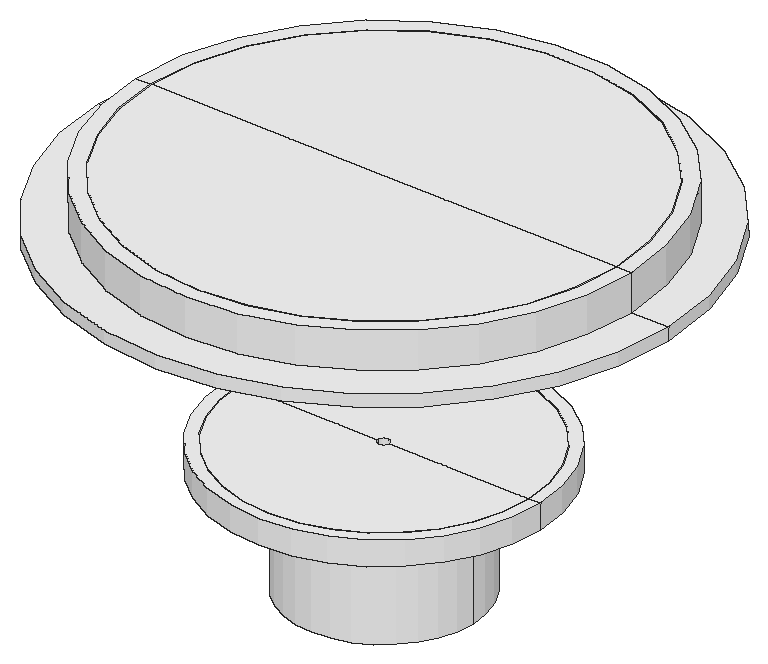
Revit family "C1450", category Plumbing Fixtures, host Face, Revit 2026
Family settings
  Host = Face
  Round Connector Dimension = Use Radius
  Part Type = Normal
  Classification Number = 23.45.55.21
  Enable Cutting in Views = No
  Cut with Voids When Loaded = No
  Maintain Annotation Orientation = No
  Shared = No
  Room Calculation Point = No
Parameters (values of type "3"")
  WFU = 0
  URL = "WWW.MIFAB.COM"
  Top Assembly Height = 4.000"
  Strainer Radius = Stainer Diameter / 2  # 4.150"
  Stainer Diameter = 8.300"
  Pipe Radius = Pipe Diameter / 2  # 1.500"
  Pipe Diameter = 3.000"
  Model = "C1450"
  Manufacturer = "MIFAB"
  HEIGHT 1 = 5.400"
  Floor Drain Material = Paint - Sherwin Williams Paint - #952C2A - Bellwood Red
  Description = "LINE CLEANOUT"
  Default Elevation = 0.000"
  Body Height = 2.200"
Types (4): name | Pipe Radius | Pipe Diameter | HEIGHT 1
  (no name) | 1.500" | 3.000" | 5.400"
  3" | 1.500" | 3.000" | 5.400"
  2" | 1.000" | 2.000" | 5.282"
  4" | 2.000" | 4.000" | 5.282"
Reference planes (in)
  plane 1 "Center (Front/Back)": y = 0
  plane 2: z = 0
  plane 3 "Center (Left/Right)": x = 0
  plane 4: x = -4.15
  plane 5: x = 4.15
  plane 6: z = -6.2
  plane 7: x = -1.5
  plane 8: x = 1.5
  plane 9: z = -4
  plane 10: y = 3.5
  plane 11: y = -3.5
  plane 12: z = -0.8
Forms (in)
  Revolve 1, solid, material "Paint - Sherwin Williams Paint - #952C2A - Bellwood Red" <- "Floor Drain Material"
    sketch origin (0, 0, 0) x (1, 0, 0) y (0, 0, 1)
      loop
        line (1.5, -4.91328) -> (2.625, -4.4) -> (2.625, -4) -> (2.425, -4) -> (2.425, -4.25546) -> (1.9, -4.25546) -> (1.9, -4.45) -> (1.3, -4.9) -> (1.3, -6.2) -> (1.5, -6.2) -> (1.5, -4.91328)
      axis (0, -6.2) -> (0, -4)
    angle from 0 to 360
  Revolve 2, solid, material "Paint - Sherwin Williams Paint - #952C2A - Bellwood Red" <- "Floor Drain Material"
    sketch origin (0, 0, 0) x (1, 0, 0) y (0, 0, 1)
      loop
        line (-2.425, -4) -> (-2.425, -4.25) -> (-1.9, -4.25) -> (-1.9, -4.4) -> (-0.095, -4.4) -> (-0.095, -4) -> (-2.425, -4)
      axis (0, -4) -> (0, -4.4)
    angle from 0 to 360
  Revolve 3, solid, material "Paint - Sherwin Williams Paint - #952C2A - Bellwood Red" <- "Floor Drain Material"
    sketch origin (0, 0, 0) x (1, 0, 0) y (0, 0, 1)
      loop
        line (3.47709, -0.3) -> (4, -0.3) -> (4, -0.8) -> (4.775, -0.8) -> (4.775, -0.6) -> (4.15, -0.6) -> (4.15, 0) -> (3.9, 0) -> (3.9, -0.125) -> (3.47709, -0.125) -> (3.47709, -0.3)
      axis (0, 0) -> (0, -0.8)
    angle from 0 to 360
  Revolve 4, solid, material "Paint - Sherwin Williams Paint - #952C2A - Bellwood Red" <- "Floor Drain Material"
    sketch origin (0, 0, 0) x (1, 0, 0) y (0, 0, 1)
      loop
        line (-3.9, 0) -> (-3.9, -0.125) -> (-3.47709, -0.125) -> (-3.47709, -0.3) -> (0, -0.3) -> (0, 0) -> (-3.9, 0)
      axis (0, 0) -> (0, -0.3)
    angle from 0 to 360
Lines and regions (in)
  symbolic lines
    curve 1: circle (0, 0, 0) r 4.15 normal (0, 0, 1)
Dimensions and locks (in)
  equal spacing: plane 5, plane 3 "Center (Left/Right)", plane 4
  "Stainer Diameter": plane 5 to plane 4
  "Body Height": plane 9 to plane 6
  equal spacing: plane 8, plane 3 "Center (Left/Right)", plane 7
  "Pipe Diameter": plane 8 to plane 7
  "Top Assembly Height": host face to plane 9
  equal spacing: plane 10, plane 1 "Center (Front/Back)", plane 11
  locked: Revolve 1 sketch curve to Revolve 1 sketch curve at 2.625
  locked: Revolve 1 sketch curve to Revolve 1 sketch curve at 0.2  (x2)
  locked: Revolve 1 sketch curve to Revolve 1 sketch curve at 0.0951
  locked: Revolve 1 sketch curve to Revolve 1 sketch curve at 0.4
  locked: Revolve 1 sketch curve to Revolve 1 sketch curve at 0.725
  locked: Revolve 1 to Revolve 1 at 0.25546
  locked: Revolve 2 sketch curve to Revolve 2 sketch curve at 2.33
  locked: Revolve 2 sketch curve to Revolve 2 sketch curve at 2.425
  locked: Revolve 2 sketch curve to Revolve 2 sketch curve at 1.9
  locked: Revolve 2 sketch curve to Revolve 2 sketch curve at 0.15
  locked: Revolve 3 sketch curve to Revolve 3 sketch curve at 4.775
  locked: Revolve 3 sketch curve to Revolve 3 sketch curve at 0.175
  locked: Revolve 3 sketch curve to Revolve 3 sketch curve at 0.42291
  locked: Revolve 3 sketch curve to Revolve 3 sketch curve at 0.25
  locked: Revolve 3 sketch curve to Revolve 3 sketch curve at 0.5
  locked: Revolve 3 sketch curve to Revolve 3 sketch curve at 0.775
  locked: Revolve 3 sketch curve to Revolve 3 sketch curve at 0.2
  locked: Revolve 3 sketch curve to Revolve 3 sketch curve at 0.6
  locked: Revolve 3 sketch curve to Revolve 3 sketch curve at 0.625
  "HEIGHT 1": plane 12 to plane 6
  locked: Revolve 3 to Revolve 3 at 0.125
  locked: Revolve 4 sketch curve to Revolve 4 sketch curve at 3.47709
  locked: Revolve 4 sketch curve to Revolve 4 sketch curve at 3.9
  locked: Revolve 4 sketch curve to Revolve 4 sketch curve at 0.175
  "Strainer Radius": radius of curve 1
  aligned and locked: plane 2 to host face
  aligned and locked: level to host face
  aligned and locked: plane 1 "Center (Front/Back)" to curve 1
  aligned and locked: plane 3 "Center (Left/Right)" to curve 1
  aligned and locked: Revolve 1 sketch curve to plane 6
  aligned and locked: plane 9 to Revolve 1 sketch curve
  aligned and locked: plane 3 "Center (Left/Right)" to Revolve 1 sketch curve
  aligned and locked: Revolve 2 sketch curve to plane 3 "Center (Left/Right)"
  aligned and locked: Revolve 1 to Revolve 2 sketch curve
  aligned and locked: Revolve 3 sketch curve to plane 3 "Center (Left/Right)"
  aligned and locked: plane 12 to Revolve 3  (x2)
  aligned and locked: plane 4 to Revolve 3
  aligned and locked: plane 5 to Revolve 3
  aligned and locked: Revolve 4 sketch curve to plane 3 "Center (Left/Right)"
Automatic sketch dimensions
  host sketch curve to host sketch curve = 96.000"  (x2)
  plane 8 to Revolve 1 sketch curve = 0.200"
  Revolve 1 sketch curve to plane 9 = 0.900"
  Revolve 1 sketch curve to plane 9 = 0.450"
  Revolve 1 sketch curve to Revolve 1 sketch curve = 0.19454"
  Revolve 1 sketch curve to plane 6 = 0.3875"
  Revolve 1 sketch curve to level = 0.91879"
  Revolve 2 sketch curve to plane 9 = 0.000"
  Revolve 2 sketch curve to Revolve 2 sketch curve = 0.36328"
  plane 9 to Revolve 2 sketch curve = 0.89097"
  plane 9 to Revolve 3 sketch curve = 1.21409"
  level to Revolve 3 sketch curve = 4.71409"
  Revolve 3 sketch curve to level = 0.800"
  Revolve 4 sketch curve to plane 3 "Center (Left/Right)" = 0.000"
  Revolve 4 sketch curve to level = 0.125"
  Revolve 4 sketch curve to level = 0.000"
  Revolve 4 sketch curve to plane 12 = 0.1061"
  level to Revolve 4 sketch curve = 0.882"
  plane 1 "Center (Front/Back)" to curve 1 = 0.000"
  curve 1 to plane 3 "Center (Left/Right)" = 0.000"
Connectors (in)
  piping at (0, 0, -6.2), diameter 3, driven by "Pipe Radius"
    settings: on Revolve 1, index 1, connector inside diameter 3", connector length 0.000", flow factor 0, pipe flow 0 GPM, pressure drop 0.00 psi, fitting loss kfactor 0, connector angle 0.00°, fixture units 0, engagement length 0.000", angle of deflection 0.00°, flow configuration 0, flow direction 0, fitting loss method 0, system type 7, joint type 0, gender type 0, connector reference index -1, connector utility 0, adjustable connector no, is connector primary yes, connector description ""
